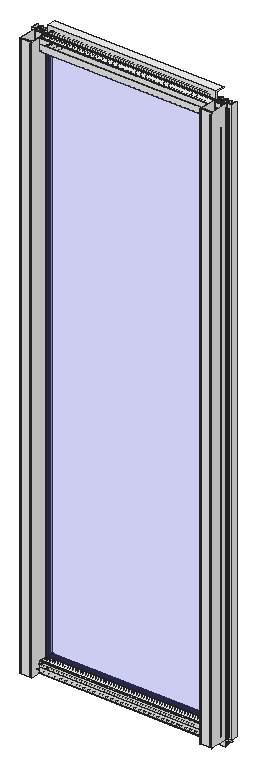
Revit family "Facade_60_Curtain_Wall_E11_Custom", category Windows, host Wall, Revit 2014
Parameters (values of type "F60-E11-Custom")
  Windload Design [instance] = if(Custom Windload < 1001 mm, 1000 mm, if(Custom Windload < 1501 mm, 1500 mm, 2000 mm))  # 1000 mm
  Width [instance] = if(Custom Curtain Wall Width < Limit Door Width Min, Limit Door Width Min, if(Custom Curtain Wall Width > Limit Door Width Max, Limit Door Width Max, Custom Curtain Wall Width))  # 1000 mm
  Wall Thickness [instance] = 200 mm
  Vertical Profile Length [instance] = Height - Frame Bottom Gap  # 2970 mm
  URL = "http://www.crealco.co.za/crealco-products.php"
  Type Comments = ""
  Thermal Resistance (R) [instance] = if(IGDB or SAGDB Number = 100100, 1.0000 (m²·K)/W / Intruderprufe U Value, if(IGDB or SAGDB Number = 100100, 1.0000 (m²·K)/W / Intruderprufe U Value, if(IGDB or SAGDB Number = 105003, 1.0000 (m²·K)/W / Intruderprufe Insulated U Value, if(IGDB or SAGDB Number = 105004, 1.0000 (m²·K)/W / Intruderprufe Insulated LowE U Value, 1.0000 (m²·K)/W / 7.9)))) * 1  # 0.126582 (m²·K)/W
  Thermal Break Material = Plastic, Opaque Black
  Solar Heat Gain Coefficient [instance] = if(IGDB or SAGDB Number = 100100, Intruderprufe SHGC Value, if(IGDB or SAGDB Number = 103200, Intruderprufe LowE SHGC Value, if(IGDB or SAGDB Number = 105003, Intruderprufe Insulated SHGC Value, if(IGDB or SAGDB Number = 105004, Intruderprufe Insulated LowE SHGC Value, 0))))  # 0
  Single Glazing [instance] = if(DG Forced, 1 = 0, not(Double Glazing))  # yes
  Sill Height = 85 mm  # constant formula
  SG Forced [instance] = not(DG Forced)  # yes
  Quarter Expansion Break = yes
  Overall Width [instance] = 1000 mm
  Overall Height [instance] = 3000 mm
  Mullion Configuration = 1 mm
  Model = "Facade 60"
  Max System DG Unit Thickness = 25 mm  # constant formula
  Max System DG One Piece Thickness [instance] = rounddown((Max System DG Unit Thickness - DG Gasket Thickness) / 2 mm) * 1 mm  # 6 mm
  Max Pane Area [instance] = Glazing Width * Glazing Height  # 2.66032 m²
  Manufacturer = "Crealco"
  Limit Door Width Min = Limit Panel Width Min + (2 * Glazing Side Gap)  # 379.6 mm
  Limit Door Width Max = Limit Panel Width Max + (2 * Glazing Side Gap)  # 3079.6 mm
  Limit Door Height Min = Limit Panel Height Min + Glazing Top Gap + Glazing Bottom Gap  # 409.6 mm
  Limit Door Height Max = Limit Panel Height Max + Glazing Top Gap + Glazing Bottom Gap  # 6109.6 mm
  Limit Panel Width Min = 300 mm  # constant formula
  Limit Panel Width Max = 3000 mm  # constant formula
  Limit Panel Height Min = 300 mm  # constant formula
  Limit Panel Height Max = 6000 mm  # constant formula
  Sill Length [instance] = Width  # 1000 mm
  Length Sill [instance] = Width  # 1000 mm
  Keynote = ""
  Jamb Width = 60 mm  # constant formula
  Intruderprufe U Value = 0
  Intruderprufe SHGC Value = 0
  Intruderprufe LowE U Value = 0
  Intruderprufe LowE SHGC Value = 0
  Intruderprufe Insulated U Value = 0
  Intruderprufe Insulated SHGC Value = 0
  Intruderprufe Insulated LowE U Value = 0
  Intruderprufe Insulated LowE SHGC Value = 0
  Horizontal Profile Length [instance] = Width - (2 * Jamb Width)  # 880 mm
  Half Expansion Break = no
  Glazing Width [instance] = Horizontal Profile Length + (2 mm * 20.2)  # 920.4 mm
  Glazing Top Gap = 39.8 mm  # constant formula
  Glazing Side Gap = 39.8 mm  # constant formula
  Glazing Height [instance] = Height - Glazing Top Gap - Glazing Bottom Gap  # 2890.4 mm
  Glazing Gap SG [instance] = (14 mm - SG Thickness) / 2  # 3.8 mm
  Glazing Gap DG [instance] = (28 mm - (DG Thickness + DG Thickness + DG Gasket Thickness)) / 2  # 3 mm
  Glazing Bottom Gap = 69.8 mm  # constant formula
  Frame Thickness = 101.8 mm  # constant formula
  Frame Bottom Gap = 30 mm  # constant formula
  Door Leaf Height [instance] = 2050 mm
  Double Glazing [instance] = no
  DG Thickness Calc [instance] = if(not(Max Pane Area > 1.125 m²), 4 mm, if(not(Max Pane Area > 2.25 m²), 4 mm, if(not(Max Pane Area > 3.15 m²), 5 mm, if(not(Max Pane Area > 4.35 m²), 6 mm, if(not(Max Pane Area > 6.45 m²), 8 mm, 10 mm)))))  # 5 mm
  DG Thickness [instance] = if(IGDB or SAGDB Number = 105003, 6 mm, if(IGDB or SAGDB Number = 105004, 7 mm, if(DG Thickness Calc > Max System DG One Piece Thickness, Max System DG One Piece Thickness, DG Thickness Calc)))  # 5 mm
  DG Gasket Thickness = 12 mm  # constant formula
  DG Gasket Finish [instance] = Double Glazing Gasket Material
  DG Forced [instance] = if(IGDB or SAGDB Number = 100100, 1 = 0, if(IGDB or SAGDB Number = 103200, 1 = 0, if(IGDB or SAGDB Number = 105003, 1 = 1, if(IGDB or SAGDB Number = 105004, 1 = 1, Double Glazing))))  # no
  IGDB or SAGDB Number [instance] = 0
  Height [instance] = if(Custom Curtain Wall Height < Limit Door Height Min, Limit Door Height Min, if(Custom Curtain Wall Height > Limit Door Height Max, Limit Door Height Max, Custom Curtain Wall Height))  # 3000 mm
  Heat Transfer Coefficient (U) [instance] = if(IGDB or SAGDB Number = 100100, Intruderprufe U Value, if(IGDB or SAGDB Number = 103200, Intruderprufe LowE U Value, if(IGDB or SAGDB Number = 105003, Intruderprufe Insulated U Value, if(IGDB or SAGDB Number = 105004, Intruderprufe Insulated LowE U Value, 7.9)))) * 1.0000 W/(m²·K)  # 7.9000 W/(m²·K)
  SG Thickness [instance] = if(IGDB or SAGDB Number = 100100, 6 mm, if(IGDB or SAGDB Number = 103200, 7 mm, if(not(Max Pane Area > 0.75 m²), 4 mm, if(not(Max Pane Area > 1.50 m²), 4 mm, if(not(Max Pane Area > 2.10 m²), 5 mm, if(not(Max Pane Area > 2.90 m²), 6.4 mm, if(not(Max Pane Area > 4.30 m²), 8 mm, 10 mm)))))))  # 6.4 mm
  Glazing Material [instance] = if(IGDB or SAGDB Number = 100100, "PFG INTRUDERPRUFE 6.38mm", if(IGDB or SAGDB Number = 103200, "PFG INTRUDERPRUFE LOW-E 7.38mm", if(IGDB or SAGDB Number = 105003, "PFG 25mm INTRUDERPRUFE INSULATED GLASS", if(IGDB or SAGDB Number = 105004, "PFG 25mm INTRUDERPRUFE INSULATED GLASS LOW-E", "Unknown"))))  # "Unknown"
  Glazing Finish [instance] = Glass
  Glazing Code [instance] = if(IGDB or SAGDB Number = 100100, "LAM01", if(IGDB or SAGDB Number = 103200, "LAM01E", if(IGDB or SAGDB Number = 105003, "IGU25", if(IGDB or SAGDB Number = 105004, "IGU25E", "Unknown"))))  # "Unknown"
  Frame Offset From Exterior [instance] = if(Centered In Wall, (Wall Thickness - Frame Thickness) / 2, Custom Offset From Exterior) + 5.9 mm  # 55 mm
  Description = "Curtain Wall, E11"
  Default Sill Height = 0 mm
  Wall Closure = By host
  Custom Curtain Wall Width [instance] = 1000 mm
  Custom Curtain Wall Height [instance] = 3000 mm
  Custom Windload [instance] = 1000 mm
  Custom Offset From Exterior [instance] = 0 mm
  Centered In Wall [instance] = yes
  Aluminium Finish [instance] = White Powder Coated Aluminium ANP 1052
  All Available Glazing Numbers [instance] = "The rows below list the available glazing materials for this window:"  # constant formula
  190mm Mullion = if(Mullion Configuration = 3 mm, 1 = 1, 1 = 0)  # no
  160mm Mullion = if(Mullion Configuration = 2 mm, 1 = 1, 1 = 0)  # no
  105004 [instance] = "IGU25E"  # constant formula
  105003 [instance] = "IGU25"  # constant formula
  103200 [instance] = "LAM01E"  # constant formula
  100mm Mullion = if(or(Mullion Configuration = 2 mm, Mullion Configuration = 3 mm), 1 = 0, 1 = 1)  # yes
  100100 [instance] = "LAM01"  # constant formula
Reference planes
  plane 1 "Center (Front/Back)": y = 0
  plane 2 "Center (Left/Right)": x = 0
  plane 3 "Left": x = -500
  plane 4 "Right": x = 500
  plane 5 "Sill": z = 0
  plane 6 "Head": z = 3000
  plane 7 "Exterior": y = 100
  plane 8 "Interior": y = -100
Lines and regions (mm)
  Opening 1
    outline origin (3507.082, -100, 0) x (1, 0, 0) y (0, 0, 1)
      loop
        line (-3007.082, 0) -> (-3007.082, 3000) -> (-4007.082, 3000) -> (-4007.082, 0) -> (-3007.082, 0)
Text (mm)
  text "EXTERIOR" at (-1963.203, 1332.353, 0), in view "Ref. Level"
  text "INTERIOR" at (-1981.466, -818.386, 0), in view "Ref. Level"
  text "Exterior" at (0, 923.751, 2943.296), in view "Right"
  text "Exterior" at (0, 1040.484, 2685.409), in view "Left"
Dimensions and locks
  equal spacing: plane 3 "Left", plane 2 "Center (Left/Right)", plane 4 "Right"
  "Width": plane 3 "Left" to plane 4 "Right"
  "Height": plane 5 "Sill" to plane 6 "Head"
  "Default Sill Height": plane 5 "Sill" to level
  locked: plane 7 "Exterior" to host wall at 0
  locked: plane 8 "Interior" to host wall
  "Overall Height": plane 6 "Head" to plane 5 "Sill"
  "Overall Width": plane 3 "Left" to plane 4 "Right"
  "Wall Thickness": host wall to host wall
  "Jamb Width": nested 3 to plane 4 "Right"
  "Jamb Width": nested 5 to plane 4 "Right"
  "Frame Bottom Gap": nested 5 to level
  "Frame Offset From Exterior": nested 1 to plane 7 "Exterior"
  "Glazing Side Gap": nested 6 to plane 4 "Right"
  "Glazing Top Gap": nested 6 to plane 6 "Head"
  "Glazing Gap SG": nested 6 to nested 1
  "Glazing Side Gap": nested 7 to plane 4 "Right"
  "Glazing Top Gap": nested 7 to plane 6 "Head"
  "Glazing Gap DG": nested 7 to nested 1
  locked: nested 1 to nested 5 at 8.887
  aligned and locked: plane 4 "Right" to nested 1
  aligned and locked: nested 1 to plane 6 "Head"
  aligned and locked: plane 3 "Left" to nested 2
  aligned and locked: plane 6 "Head" to nested 2
  aligned and locked: nested 3 to plane 6 "Head"
  aligned and locked: nested 1 to nested 3
  aligned and locked: nested 4 to level
  aligned and locked: plane 4 "Right" to nested 4
  aligned and locked: nested 1 to nested 2
  aligned and locked: nested 5 to nested 4
Automatic sketch dimensions
  plane 3 "Left" to Opening 1 sketch curve = 0 mm
  plane 4 "Right" to Opening 1 sketch curve = 0 mm
  Opening 1 sketch curve to plane 5 "Sill" = 0 mm
  Opening 1 sketch curve to plane 6 "Head" = 0 mm
Nested families
  nested 1: "F60 Vertical Profile Side_E11_Cust" at (500, -1.058, 30) x (-1, 0, 0) z (0, 0, 1), Thermal Break Material <- "Thermal Break Material", Profile Material <- "Aluminium Finish", Length <- "Vertical Profile Length", Single Glazing <- "SG Forced", Double Glazing <- "DG Forced", 100mm Mullion <- "100mm Mullion", 160mm Mullion <- "160mm Mullion", 190mm Mullion <- "190mm Mullion", Quarter Expansion Break <- "Quarter Expansion Break", Half Expansion Break <- "Half Expansion Break", type "F60 Vertical Profile Side_E11_Cust"
    with Thermal Break Material Plastic, Opaque Black, Single Glazing yes, Quarter SG Expansion Break yes, Quarter Length 742.5 mm, Quarter Expansion Break yes, Quarter DG Expansion Break no, Quarter 190mm Expansion Break no, Quarter 160mm Expansion Break no, Quarter 100mm Expansion Break yes, Profile Material White Powder Coated Aluminium ANP 1052, Length 2970 mm, Half SG Expansion Break no, Half Length 1485 mm, Half Expansion Break no, Half DG Expansion Break no, Half 190mm Expansion Joint no, Half 160mm Expansion Break no, Half 100mm Expansion Break no, Double Glazing no, 190mm Mullion no, 160mm Mullion no, 100mm Mullion yes
  nested 2: "F60 Vertical Profile Side_E11_Cust" at (-500, -1.058, 30), Thermal Break Material <- "Thermal Break Material", Profile Material <- "Aluminium Finish", Length <- "Vertical Profile Length", Single Glazing <- "SG Forced", Double Glazing <- "DG Forced", 100mm Mullion <- "100mm Mullion", 160mm Mullion <- "160mm Mullion", 190mm Mullion <- "190mm Mullion", Quarter Expansion Break <- "Quarter Expansion Break", Half Expansion Break <- "Half Expansion Break", type "F60 Vertical Profile Side_E11_Cust"
    with Thermal Break Material Plastic, Opaque Black, Single Glazing yes, Quarter SG Expansion Break yes, Quarter Length 742.5 mm, Quarter Expansion Break yes, Quarter DG Expansion Break no, Quarter 190mm Expansion Break no, Quarter 160mm Expansion Break no, Quarter 100mm Expansion Break yes, Profile Material White Powder Coated Aluminium ANP 1052, Length 2970 mm, Half SG Expansion Break no, Half Length 1485 mm, Half Expansion Break no, Half DG Expansion Break no, Half 190mm Expansion Joint no, Half 160mm Expansion Break no, Half 100mm Expansion Break no, Double Glazing no, 190mm Mullion no, 160mm Mullion no, 100mm Mullion yes
  nested 3: "F60 Horizontal Profile Top_E11_Cust" at (440, -50.858, 2940) x (-1, 0, 0) z (0, 0, 1), Thermal Break Material <- "Thermal Break Material", Profile Material <- "Aluminium Finish", Length <- "Horizontal Profile Length", Single Glazing <- "SG Forced", Double Glazing <- "DG Forced", type "F60 Horizontal Profile Top_E11_Cust"
    with Thermal Break Material Plastic, Opaque Black, Single Glazing yes, Profile Material White Powder Coated Aluminium ANP 1052, Length 880 mm, Double Glazing no
  nested 4: "F60 Sill_E11_Cust" at (500, -13.486, -1.88) x (-1, 0, 0) z (0, 0, 1), Profile Material <- "Aluminium Finish", Length Sill <- "Length Sill", type "F60 Sill_E11_Cust"
    with Profile Material White Powder Coated Aluminium ANP 1052, Length Sill 1000 mm
  nested 5: "F60 Horizontal Profile Bottom_E11_Cust" at (440, -50.858, 30) x (-1, 0, 0) z (0, 0, 1), Thermal Break Material <- "Thermal Break Material", Profile Material <- "Aluminium Finish", Length <- "Horizontal Profile Length", Single Glazing <- "SG Forced", Double Glazing <- "DG Forced", type "F60 Horizontal Profile Bottom_E11_Cust"
    with Thermal Break Material Plastic, Opaque Black, Single Glazing yes, Profile Material White Powder Coated Aluminium ANP 1052, Length 880 mm, Double Glazing no
  nested 6: "F60_Single_Glazing_E11_Cust" at (460.2, 9.142, 69.8), Glazing Width <- "Glazing Width", Glazing Height <- "Glazing Height", SG Thickness <- "SG Thickness", Glazing Finish <- "Glazing Finish", visible <- "SG Forced", type "F60_Single_Glazing_E11_Cust"
    with SG Thickness 6.4 mm, Glazing Width 920.4 mm, Glazing Height 2890.4 mm, Glazing Finish Glass
  nested 7: "F60_Double_Glazing_E11_Cust" at (460.2, 23.942, 69.8), Glazing Material <- "Glazing Finish", Double Glazing Gasket Material <- "DG Gasket Finish", Glazing Width <- "Glazing Width", Glazing Height <- "Glazing Height", Glazing Thickness DG <- "DG Thickness", Double Glazing Gasket Thickness <- "DG Gasket Thickness", visible <- "DG Forced", type "F60_Double_Glazing_E11_Cust"
    with Glazing Width 920.4 mm, Glazing Thickness DG 5 mm, Glazing Material Glass, Glazing Height 2890.4 mm, Double Glazing Gasket Thickness 12 mm, Double Glazing Gasket Material Double Glazing Gasket Material
Definition of nested family "F60 Vertical Profile Side_E11_Cust"
  Parameters (values of type "F60 Vertical Profile Side")
    Quarter SG Expansion Break [instance] = if(and(Quarter Expansion Break, Single Glazing), 1 = 1, 1 = 0)  # yes
    Quarter Length [instance] = Length / 4  # 62.5 mm
    Thermal Break Material [instance] = none
    Single Glazing [instance] = yes
    Quarter Expansion Break [instance] = yes
    Quarter DG Expansion Break [instance] = if(and(Quarter Expansion Break, Double Glazing), 1 = 1, 1 = 0)  # yes
    Quarter 190mm Expansion Break [instance] = if(and(Quarter Expansion Break, [190mm Mullion]), 1 = 1, 1 = 0)  # yes
    Quarter 160mm Expansion Break [instance] = if(and(Quarter Expansion Break, [160mm Mullion]), 1 = 1, 1 = 0)  # yes
    Quarter 100mm Expansion Break [instance] = if(and(Quarter Expansion Break, [100mm Mullion]), 1 = 1, 1 = 0)  # yes
    Profile Material [instance] = none
    Length [instance] = 250 mm
    Half SG Expansion Break [instance] = if(and(Half Expansion Break, Single Glazing), 1 = 1, 1 = 0)  # yes
    Half Length [instance] = Length / 2  # 125 mm
    Half Expansion Break [instance] = yes
    Half DG Expansion Break [instance] = if(and(Half Expansion Break, Double Glazing), 1 = 1, 1 = 0)  # yes
    Half 190mm Expansion Joint [instance] = if(and(Half Expansion Break, [190mm Mullion]), 1 = 1, 1 = 0)  # yes
    Half 160mm Expansion Break [instance] = if(and(Half Expansion Break, [160mm Mullion]), 1 = 1, 1 = 0)  # yes
    Half 100mm Expansion Break [instance] = if(and(Half Expansion Break, [100mm Mullion]), 1 = 1, 1 = 0)  # yes
    Double Glazing [instance] = yes
    190mm Mullion [instance] = yes
    160mm Mullion [instance] = yes
    100mm Mullion [instance] = yes
  Reference planes
    plane 1 "Center (Front/Back)": y = 0
    plane 2: z = 0
    plane 3 "Center (Left/Right)": x = 0
  Forms (mm)
    Extrusion 1, solid, material <- "Profile Material"
      sketch origin (0, 0, 0) x (1, 0, 0) y (0, 1, 0)
        loop
          arc (25.249, -8.7) -> (25.484, -9.266) -> (26.049, -9.5) r 0.8
          line (26.049, -9.5) -> (27.1, -9.5) -> (27.1, 7) -> (32.902, 7) -> (32.902, -9.5) -> (33.951, -9.5)
          arc (33.951, -9.5) -> (34.516, -9.266) -> (34.751, -8.7) r 0.8
          line (34.751, -8.7) -> (34.751, 6.2)
          arc (34.751, 6.2) -> (34.985, 6.766) -> (35.551, 7) r 0.8
          line (35.551, 7) -> (52.1, 7) -> (52.1, 5.4) -> (50.55, 5.4) -> (50.55, 4.55)
          arc (50.55, 4.55) -> (50.726, 4.126) -> (51.15, 3.95) r 0.6
          line (51.15, 3.95) -> (52.1, 3.95) -> (52.1, 1)
          arc (52.1, 1) -> (51.6, 0.5) -> (52.1, 0) r 0.5
          line (52.1, 0) -> (54.45, 0) -> (54.45, 1.15) -> (53.3, 1.15) -> (53.3, 2.45) -> (58.8, 2.45) -> (58.8, 1.15) -> (57.65, 1.15) -> (57.65, 0) -> (59.5, 0)
          arc (59.5, 0) -> (59.854, 0.146) -> (60, 0.5) r 0.5
          line (60, 0.5) -> (60, 3.9) -> (53.55, 3.9) -> (53.55, 7.6)
          arc (53.55, 7.6) -> (53.316, 8.166) -> (52.75, 8.4) r 0.8
          line (52.75, 8.4) -> (30, 8.4) -> (7.25, 8.4)
          arc (7.25, 8.4) -> (6.684, 8.166) -> (6.45, 7.6) r 0.8
          line (6.45, 7.6) -> (6.45, 3.9) -> (0, 3.9) -> (0, 0.5)
          arc (0, 0.5) -> (0.146, 0.146) -> (0.5, 0) r 0.5
          line (0.5, 0) -> (2.35, 0) -> (2.35, 1.15) -> (1.2, 1.15) -> (1.2, 2.45) -> (6.7, 2.45) -> (6.7, 1.15) -> (5.55, 1.15) -> (5.55, 0) -> (7.9, 0)
          arc (7.9, 0) -> (8.4, 0.5) -> (7.9, 1) r 0.5
          line (7.9, 1) -> (7.9, 3.95) -> (8.85, 3.95)
          arc (8.85, 3.95) -> (9.274, 4.126) -> (9.45, 4.55) r 0.6
          line (9.45, 4.55) -> (9.45, 5.4) -> (7.9, 5.4) -> (7.9, 7) -> (24.449, 7)
          arc (24.449, 7) -> (25.015, 6.766) -> (25.249, 6.2) r 0.8
          line (25.249, 6.2) -> (25.249, -8.7)
      from 0 to 250 <- "Length"
    Extrusion 2, solid, material <- "Thermal Break Material"
      sketch origin (0, 0, 0) x (1, 0, 0) y (0, 1, 0)
        loop
          line (1.75, 9.8) -> (1.75, 5.2) -> (0, 5.2) -> (0, 3.9) -> (6.35, 3.9) -> (6.35, 7.856)
          arc (6.35, 7.856) -> (6.526, 8.281) -> (6.95, 8.456) r 0.6
          line (6.95, 8.456) -> (30, 8.456) -> (53.05, 8.456)
          arc (53.05, 8.456) -> (53.474, 8.281) -> (53.65, 7.856) r 0.6
          line (53.65, 7.856) -> (53.65, 3.9) -> (60, 3.9) -> (60, 5.2) -> (58.25, 5.2) -> (58.25, 9.8) -> (30, 9.8) -> (1.75, 9.8)
      from 0 to 250 <- "Length"
    Extrusion 3, solid, material <- "Thermal Break Material", visible <- "Single Glazing"
      sketch origin (0, 0, 0) x (1, 0, 0) y (0, 1, 0)
        loop
          line (25.749, -14.011) -> (27.672, -14.011) -> (28.481, -12.611) -> (31.518, -12.611) -> (32.327, -14.011) -> (34.249, -14.011)
          arc (34.249, -14.011) -> (34.603, -13.864) -> (34.749, -13.511) r 0.5
          line (34.749, -13.511) -> (34.749, -10.011)
          arc (34.749, -10.011) -> (34.603, -9.657) -> (34.249, -9.511) r 0.5
          line (34.249, -9.511) -> (32.352, -9.511) -> (32.352, 0.19) -> (31.349, 2.261)
          arc (31.349, 2.261) -> (29.999, 2.986) -> (28.649, 2.261) r 1.62
          line (28.649, 2.261) -> (27.647, 0.19) -> (27.647, -9.511) -> (25.749, -9.511)
          arc (25.749, -9.511) -> (25.396, -9.657) -> (25.249, -10.011) r 0.5
          line (25.249, -10.011) -> (25.249, -13.511)
          arc (25.249, -13.511) -> (25.396, -13.864) -> (25.749, -14.011) r 0.5
        loop
          line (28.504, -10.005) -> (28.504, -10.861)
          arc (28.504, -10.861) -> (28.651, -11.214) -> (29.004, -11.361) r 0.5
          line (29.004, -11.361) -> (30.994, -11.361)
          arc (30.994, -11.361) -> (31.348, -11.214) -> (31.494, -10.861) r 0.5
          line (31.494, -10.861) -> (31.494, -10.005) -> (30.708, -9.219)
          arc (30.708, -9.219) -> (30.383, -9.001) -> (29.999, -8.924) r 1.007
          arc (29.999, -8.924) -> (29.616, -8.999) -> (29.292, -9.217) r 0.986
          line (29.292, -9.217) -> (28.504, -10.005)
        loop
          arc (30.896, 1.935) -> (29.887, 2.44) -> (29.005, 1.735) r 1.047
          line (29.005, 1.735) -> (28.347, 0.374) -> (28.347, -6.993)
          arc (28.347, -6.993) -> (28.583, -7.417) -> (29.068, -7.441) r 0.5
          arc (29.068, -7.441) -> (29.999, -7.223) -> (30.93, -7.441) r 2.099
          arc (30.93, -7.441) -> (31.416, -7.417) -> (31.652, -6.993) r 0.5
          line (31.652, -6.993) -> (31.652, 0.374) -> (30.896, 1.935)
      from 0 to 250 <- "Length"
    Extrusion 4, solid, material <- "Profile Material", visible <- "Single Glazing"
      sketch origin (0, 0, 0) x (1, 0, 0) y (0, 1, 0)
        loop
          line (52.693, -14.011) -> (32.327, -14.011) -> (31.519, -12.611) -> (28.481, -12.611) -> (27.673, -14.011) -> (7.307, -14.011) -> (7.307, -15.011) -> (8.457, -15.011) -> (8.457, -16.261) -> (2.957, -16.261) -> (2.957, -15.011) -> (4.107, -15.011) -> (4.107, -14.011) -> (1.707, -14.011)
          arc (1.707, -14.011) -> (1.199, -14.293) -> (1.168, -14.873) r 0.6
          line (1.168, -14.873) -> (2.093, -16.772) -> (1.015, -17.298) -> (1.484, -18.261) -> (11.488, -18.261)
          arc (11.488, -18.261) -> (11.913, -18.085) -> (12.088, -17.661) r 0.6
          line (12.088, -17.661) -> (12.088, -16.811) -> (47.912, -16.811) -> (47.912, -17.661)
          arc (47.912, -17.661) -> (48.088, -18.085) -> (48.512, -18.261) r 0.6
          line (48.512, -18.261) -> (58.518, -18.261) -> (58.987, -17.298) -> (57.908, -16.772) -> (58.834, -14.874)
          arc (58.834, -14.874) -> (58.802, -14.293) -> (58.293, -14.011) r 0.6
          line (58.293, -14.011) -> (55.893, -14.011) -> (55.893, -15.011) -> (57.043, -15.011) -> (57.043, -16.261) -> (51.543, -16.261) -> (51.543, -15.011) -> (52.693, -15.011) -> (52.693, -14.011)
      from 0 to 250 <- "Length"
    Extrusion 5, solid, material <- "Profile Material", visible <- "Single Glazing"
      sketch origin (0, 0, 0) x (1, 0, 0) y (0, 1, 0)
        loop
          line (2.801, -18.261) -> (1.484, -18.261) -> (1.015, -17.298) -> (2.093, -16.772) -> (0.779, -14.076)
          arc (0.779, -14.076) -> (0.239, -14.21) -> (0.001, -14.713) r 0.65
          line (0.001, -14.713) -> (0.001, -28.068)
          arc (0.001, -28.068) -> (1.172, -30.897) -> (4.001, -32.068) r 4
          line (4.001, -32.068) -> (30.001, -32.068) -> (56.001, -32.068)
          arc (56.001, -32.068) -> (58.829, -30.897) -> (60.001, -28.068) r 4
          line (60.001, -28.068) -> (60.001, -14.713)
          arc (60.001, -14.713) -> (59.763, -14.21) -> (59.223, -14.076) r 0.65
          line (59.223, -14.076) -> (57.908, -16.772) -> (58.987, -17.298) -> (58.518, -18.261) -> (57.201, -18.261)
          arc (57.201, -18.261) -> (56.83, -18.425) -> (56.703, -18.811) r 0.5
          arc (56.703, -18.811) -> (56.83, -19.196) -> (57.201, -19.361) r 0.5
          line (57.201, -19.361) -> (58.951, -19.361) -> (58.951, -27.968)
          arc (58.951, -27.968) -> (58.131, -29.948) -> (56.151, -30.768) r 2.8
          line (56.151, -30.768) -> (30.001, -30.768) -> (3.851, -30.768)
          arc (3.851, -30.768) -> (1.871, -29.948) -> (1.051, -27.968) r 2.8
          line (1.051, -27.968) -> (1.051, -19.361) -> (2.801, -19.361)
          arc (2.801, -19.361) -> (3.172, -19.196) -> (3.298, -18.811) r 0.5
          arc (3.298, -18.811) -> (3.172, -18.425) -> (2.801, -18.261) r 0.5
      from 0 to 250 <- "Length"
    Extrusion 6, solid, material <- "Profile Material", visible <- "100mm Mullion"
      sketch origin (0, 0, 0) x (1, 0, 0) y (0, 1, 0)
        loop
          line (14.02, 13) -> (45.98, 13)
          arc (45.98, 13) -> (46.539, 12.842) -> (46.917, 12.4) r 1
          arc (46.917, 12.4) -> (47.285, 11.963) -> (47.833, 11.8) r 1
          line (47.833, 11.8) -> (58.15, 11.8) -> (58.15, 96.3) -> (47.833, 96.3)
          arc (47.833, 96.3) -> (47.285, 96.137) -> (46.917, 95.7) r 1
          arc (46.917, 95.7) -> (46.548, 95.263) -> (46, 95.1) r 1
          line (46, 95.1) -> (14, 95.1)
          arc (14, 95.1) -> (13.452, 95.263) -> (13.083, 95.7) r 1
          arc (13.083, 95.7) -> (12.715, 96.137) -> (12.167, 96.3) r 1
          line (12.167, 96.3) -> (1.85, 96.3) -> (1.85, 11.8) -> (12.167, 11.8)
          arc (12.167, 11.8) -> (12.715, 11.963) -> (13.083, 12.4) r 1
          arc (13.083, 12.4) -> (13.461, 12.842) -> (14.02, 13) r 1
        loop
          line (1.65, 9.856) -> (58.35, 9.856) -> (58.35, 5.2) -> (60, 5.2) -> (60, 98.8)
          arc (60, 98.8) -> (59.707, 99.507) -> (59, 99.8) r 1
          line (59, 99.8) -> (1, 99.8)
          arc (1, 99.8) -> (0.293, 99.507) -> (0, 98.8) r 1
          line (0, 98.8) -> (0, 5.2) -> (1.65, 5.2) -> (1.65, 9.856)
      from 0 to 250 <- "Length"
    Extrusion 7, solid, material <- "Profile Material", visible <- "160mm Mullion"
      sketch origin (0, 0, 0) x (1, 0, 0) y (0, 1, 0)
        loop
          arc (2.35, 15.6) -> (2.526, 15.176) -> (2.95, 15) r 0.6
          line (2.95, 15) -> (57.05, 15)
          arc (57.05, 15) -> (57.474, 15.176) -> (57.65, 15.6) r 0.6
          line (57.65, 15.6) -> (57.65, 153.7)
          arc (57.65, 153.7) -> (57.474, 154.124) -> (57.05, 154.3) r 0.6
          line (57.05, 154.3) -> (47.833, 154.3)
          arc (47.833, 154.3) -> (47.285, 154.137) -> (46.917, 153.7) r 1
          arc (46.917, 153.7) -> (46.548, 153.263) -> (46, 153.1) r 1
          line (46, 153.1) -> (14, 153.1)
          arc (14, 153.1) -> (13.452, 153.263) -> (13.083, 153.7) r 1
          arc (13.083, 153.7) -> (12.715, 154.137) -> (12.167, 154.3) r 1
          line (12.167, 154.3) -> (2.95, 154.3)
          arc (2.95, 154.3) -> (2.526, 154.124) -> (2.35, 153.7) r 0.6
          line (2.35, 153.7) -> (2.35, 15.6)
        loop
          arc (1, 159.8) -> (0.293, 159.507) -> (0, 158.8) r 1
          line (0, 158.8) -> (0, 5.2) -> (1.65, 5.2) -> (1.65, 10.013) -> (58.35, 10.013) -> (58.35, 5.2) -> (60, 5.2) -> (60, 158.8)
          arc (60, 158.8) -> (59.707, 159.507) -> (59, 159.8) r 1
          line (59, 159.8) -> (1, 159.8)
      from 0 to 250 <- "Length"
    Extrusion 8, solid, material <- "Profile Material", visible <- "190mm Mullion"
      sketch origin (0, 0, 0) x (1, 0, 0) y (0, 1, 0)
        loop
          line (57.25, 15.1) -> (57.25, 178.3)
          arc (57.25, 178.3) -> (56.957, 179.007) -> (56.25, 179.3) r 1
          line (56.25, 179.3) -> (3.75, 179.3)
          arc (3.75, 179.3) -> (3.043, 179.007) -> (2.75, 178.3) r 1
          line (2.75, 178.3) -> (2.75, 15.1)
          arc (2.75, 15.1) -> (2.984, 14.534) -> (3.55, 14.3) r 0.8
          line (3.55, 14.3) -> (56.45, 14.3)
          arc (56.45, 14.3) -> (57.016, 14.534) -> (57.25, 15.1) r 0.8
        loop
          line (60, 5.2) -> (60, 188.8)
          arc (60, 188.8) -> (59.707, 189.507) -> (59, 189.8) r 1
          line (59, 189.8) -> (1, 189.8)
          arc (1, 189.8) -> (0.293, 189.507) -> (0, 188.8) r 1
          line (0, 188.8) -> (0, 5.2) -> (1.65, 5.2) -> (1.65, 9.856) -> (58.35, 9.856) -> (58.35, 5.2) -> (60, 5.2)
      from 0 to 250 <- "Length"
    Extrusion 9, solid, material <- "Thermal Break Material", visible <- "Double Glazing"
      sketch origin (0, 0, 0) x (1, 0, 0) y (0, 1, 0)
        loop
          line (27.672, -28) -> (28.48, -26.6) -> (31.518, -26.6) -> (32.326, -28) -> (34.249, -28)
          arc (34.249, -28) -> (34.603, -27.854) -> (34.749, -27.5) r 0.5
          line (34.749, -27.5) -> (34.749, -10)
          arc (34.749, -10) -> (34.603, -9.646) -> (34.249, -9.5) r 0.5
          line (34.249, -9.5) -> (32.352, -9.5) -> (32.352, 0.198) -> (31.348, 2.272)
          arc (31.348, 2.272) -> (29.998, 2.997) -> (28.648, 2.272) r 1.62
          line (28.648, 2.272) -> (27.645, 0.201) -> (27.645, -9.5) -> (25.749, -9.5)
          arc (25.749, -9.5) -> (25.396, -9.646) -> (25.249, -10) r 0.5
          line (25.249, -10) -> (25.249, -27.5)
          arc (25.249, -27.5) -> (25.396, -27.854) -> (25.749, -28) r 0.5
          line (25.749, -28) -> (27.672, -28)
        loop
          arc (30.706, -9.206) -> (30.382, -8.99) -> (29.999, -8.913) r 1.007
          arc (29.999, -8.913) -> (29.616, -8.988) -> (29.292, -9.206) r 0.986
          line (29.292, -9.206) -> (27.142, -11.356)
          arc (27.142, -11.356) -> (26.926, -11.68) -> (26.849, -12.063) r 1
          line (26.849, -12.063) -> (26.849, -24)
          arc (26.849, -24) -> (27.142, -24.707) -> (27.849, -25) r 1
          line (27.849, -25) -> (32.149, -25)
          arc (32.149, -25) -> (32.856, -24.707) -> (33.149, -24) r 1
          line (33.149, -24) -> (33.149, -12.063)
          arc (33.149, -12.063) -> (33.073, -11.68) -> (32.856, -11.356) r 1
          line (32.856, -11.356) -> (30.706, -9.206)
        loop
          arc (28.345, -6.982) -> (28.581, -7.407) -> (29.067, -7.43) r 0.5
          arc (29.067, -7.43) -> (29.998, -7.213) -> (30.929, -7.43) r 2.099
          arc (30.929, -7.43) -> (31.414, -7.407) -> (31.651, -6.982) r 0.5
          line (31.651, -6.982) -> (31.651, 0.385) -> (30.895, 1.946)
          arc (30.895, 1.946) -> (29.885, 2.45) -> (29.004, 1.745) r 1.047
          line (29.004, 1.745) -> (28.345, 0.385) -> (28.345, -6.982)
      from 0 to 250 <- "Length"
    Extrusion 10, solid, material <- "Profile Material", visible <- "Double Glazing"
      sketch origin (0, 0, 0) x (1, 0, 0) y (0, 1, 0)
        loop
          line (52.692, -28) -> (32.327, -28) -> (31.518, -26.6) -> (28.48, -26.6) -> (27.672, -28) -> (7.306, -28) -> (7.306, -29) -> (8.456, -29) -> (8.456, -30.25) -> (2.956, -30.25) -> (2.956, -29) -> (4.106, -29) -> (4.106, -28) -> (1.706, -28)
          arc (1.706, -28) -> (1.198, -28.282) -> (1.167, -28.863) r 0.6
          line (1.167, -28.863) -> (2.093, -30.762) -> (1.014, -31.288) -> (1.483, -32.25) -> (11.488, -32.25)
          arc (11.488, -32.25) -> (11.912, -32.074) -> (12.088, -31.65) r 0.6
          line (12.088, -31.65) -> (12.088, -30.8) -> (47.911, -30.8) -> (47.911, -31.65)
          arc (47.911, -31.65) -> (48.087, -32.074) -> (48.511, -32.25) r 0.6
          line (48.511, -32.25) -> (58.517, -32.25) -> (58.986, -31.288) -> (57.907, -30.762) -> (58.833, -28.864)
          arc (58.833, -28.864) -> (58.801, -28.282) -> (58.292, -28) r 0.6
          line (58.292, -28) -> (55.892, -28) -> (55.892, -29) -> (57.042, -29) -> (57.042, -30.25) -> (51.542, -30.25) -> (51.542, -29) -> (52.692, -29) -> (52.692, -28)
      from 0 to 250 <- "Length"
    Extrusion 11, solid, material <- "Profile Material", visible <- "Double Glazing"
      sketch origin (0, 0, 0) x (1, 0, 0) y (0, 1, 0)
        loop
          line (2.8, -32.25) -> (1.483, -32.25) -> (1.014, -31.288) -> (2.093, -30.762) -> (0.778, -28.065)
          arc (0.778, -28.065) -> (0.238, -28.2) -> (0, -28.702) r 0.65
          line (0, -28.702) -> (0, -42.058)
          arc (0, -42.058) -> (1.172, -44.886) -> (4, -46.058) r 4
          line (4, -46.058) -> (30, -46.058) -> (56, -46.058)
          arc (56, -46.058) -> (58.828, -44.886) -> (60, -42.058) r 4
          line (60, -42.058) -> (60, -28.702)
          arc (60, -28.702) -> (59.762, -28.2) -> (59.222, -28.065) r 0.65
          line (59.222, -28.065) -> (57.907, -30.762) -> (58.986, -31.288) -> (58.517, -32.25) -> (57.2, -32.25)
          arc (57.2, -32.25) -> (56.829, -32.415) -> (56.703, -32.8) r 0.5
          arc (56.703, -32.8) -> (56.829, -33.185) -> (57.2, -33.35) r 0.5
          line (57.2, -33.35) -> (58.95, -33.35) -> (58.95, -41.958)
          arc (58.95, -41.958) -> (58.13, -43.938) -> (56.15, -44.758) r 2.8
          line (56.15, -44.758) -> (30, -44.758) -> (3.85, -44.758)
          arc (3.85, -44.758) -> (1.87, -43.938) -> (1.05, -41.958) r 2.8
          line (1.05, -41.958) -> (1.05, -33.35) -> (2.8, -33.35)
          arc (2.8, -33.35) -> (3.171, -33.185) -> (3.297, -32.8) r 0.5
          arc (3.297, -32.8) -> (3.171, -32.415) -> (2.8, -32.25) r 0.5
      from 0 to 250 <- "Length"
    Extrusion 12, solid, material <- "Profile Material", visible <- "Single Glazing"
      sketch origin (0, 0, 0) x (1, 0, 0) y (0, 1, 0)
        loop
          line (10.403, -10.171) -> (10.403, -3.821) -> (-21.349, -3.821) -> (-21.349, -35.567) -> (-14.999, -35.567) -> (-14.999, -10.171) -> (10.403, -10.171)
      from 0 to 250 <- "Length"
    Extrusion 13, solid, material <- "Profile Material", visible <- "Double Glazing"
      sketch origin (0, 0, 0) x (1, 0, 0) y (0, 1, 0)
        loop
          line (10.402, -7.775) -> (10.402, -1.425) -> (-21.35, -1.425) -> (-21.35, -33.172) -> (-15, -33.172) -> (-15, -7.775) -> (10.402, -7.775)
      from 0 to 250 <- "Length"
    Extrusion 14, solid, material <- "Profile Material", visible <- "Double Glazing"
      sketch origin (0, 0, 0) x (1, 0, 0) y (0, 1, 0)
        loop
          line (12, -7.775) -> (0, -7.775) -> (0, -25.775) -> (12, -25.775) -> (12, -7.775)
        loop
          line (10.8, -8.975) -> (1.2, -8.975) -> (1.2, -24.575) -> (10.8, -24.575) -> (10.8, -8.975)
      from 0 to 250 <- "Length"
  Lines and regions (mm)
    model lines, style "GenericModelHiddenLines", visible <- "Half 100mm Expansion Break"
      curve 1: line (60, 5.2, 125) -> (60, 95.2, 125)
      curve 2: line (60, 99.8, 125) -> (0, 99.8, 125)
      curve 8: line (0, 5.2, 125) -> (0, 95.2, 125)
    model lines, style "GenericModelHiddenLines", visible <- "Quarter 100mm Expansion Break"
      curve 3: line (60, 5.2, 187.5) -> (60, 95.2, 187.5)
      curve 4: line (60, 5.2, 62.5) -> (60, 95.2, 62.5)
      curve 5: line (60, 99.8, 62.5) -> (0, 99.8, 62.5)
      curve 6: line (60, 99.8, 187.5) -> (0, 99.8, 187.5)
      curve 7: line (0, 5.2, 187.5) -> (0, 95.2, 187.5)
      curve 9: line (0, 5.2, 62.5) -> (0, 95.2, 62.5)
    model lines, style "GenericModelHiddenLines", visible <- "Half SG Expansion Break"
      curve 10: line (4.107, -32.068, 125) -> (55.893, -32.068, 125)
      curve 14: line (60.001, -14.011, 125) -> (60.001, -32.068, 125)
    model lines, style "GenericModelHiddenLines", visible <- "Quarter SG Expansion Break"
      curve 11: line (4.107, -32.068, 187.5) -> (56.703, -32.068, 187.5)
      curve 12: line (4.107, -32.068, 62.5) -> (56.703, -32.068, 62.5)
      curve 13: line (60.001, -14.011, 187.5) -> (60.001, -32.068, 187.5)
      curve 15: line (60.001, -14.011, 62.5) -> (60.001, -32.068, 62.5)
    model lines, style "GenericModelHiddenLines", visible <- "Quarter 160mm Expansion Break"
      curve 16: line (0, 5.2, 187.5) -> (0, 155.2, 187.5)
      curve 18: line (0, 5.2, 62.5) -> (0, 155.2, 62.5)
      curve 19: line (0, 159.8, 187.5) -> (60, 159.8, 187.5)
      curve 21: line (0, 159.8, 62.5) -> (60, 159.8, 62.5)
      curve 22: line (60, 5.2, 187.5) -> (60, 155.2, 187.5)
      curve 24: line (60, 5.2, 62.5) -> (60, 155.2, 62.5)
    model lines, style "GenericModelHiddenLines", visible <- "Half 160mm Expansion Break"
      curve 17: line (0, 5.2, 125) -> (0, 155.2, 125)
      curve 20: line (0, 159.8, 125) -> (60, 159.8, 125)
      curve 23: line (60, 5.2, 125) -> (60, 155.2, 125)
    model lines, style "GenericModelHiddenLines", visible <- "Quarter 190mm Expansion Break"
      curve 25: line (0, 5.2, 187.5) -> (0, 185.2, 187.5)
      curve 27: line (0, 5.2, 62.5) -> (0, 185.2, 62.5)
      curve 28: line (0.779, 189.8, 187.5) -> (59.222, 189.8, 187.5)
      curve 30: line (0.779, 189.8, 62.5) -> (59.222, 189.8, 62.5)
      curve 31: line (60, 5.2, 187.5) -> (60, 185.2, 187.5)
      curve 33: line (60, 5.2, 62.5) -> (60, 185.2, 62.5)
    model lines, style "GenericModelHiddenLines", visible <- "Half 190mm Expansion Joint"
      curve 26: line (0, 5.2, 125) -> (0, 185.2, 125)
      curve 29: line (0.779, 189.8, 125) -> (59.222, 189.8, 125)
      curve 32: line (60, 5.2, 125) -> (60, 185.2, 125)
    model lines, style "GenericModelHiddenLines", visible <- "Quarter DG Expansion Break"
      curve 34: line (60, -28.065, 187.5) -> (60, -46.074, 187.5)
      curve 36: line (60, -28.065, 62.5) -> (60, -46.027, 62.5)
      curve 37: line (59.222, -46.058, 187.5) -> (0.779, -46.058, 187.5)
      curve 39: line (59.222, -46.058, 62.5) -> (0.779, -46.058, 62.5)
    model lines, style "GenericModelHiddenLines", visible <- "Half DG Expansion Break"
      curve 35: line (60, -28.065, 125) -> (60, -46.074, 125)
      curve 38: line (59.222, -46.058, 125) -> (0.779, -46.058, 125)
  Dimensions and locks
    "Half Length": curve 1 to level
    "Half Length": level to curve 2
    "Quarter Length": curve 4 to level
    "Quarter Length": Extrusion 8 to curve 3
    "Quarter Length": level to curve 5
    "Quarter Length": curve 6 to Extrusion 6
    "Quarter Length": curve 9 to level
    "Half Length": curve 8 to level
    "Quarter Length": Extrusion 8 to curve 7
    "Quarter Length": curve 12 to level
    "Half Length": curve 10 to level
    "Quarter Length": Extrusion 5 to curve 11
    "Quarter Length": curve 15 to level
    "Half Length": curve 14 to level
    "Quarter Length": Extrusion 5 to curve 13
    "Quarter Length": Extrusion 7 to curve 18
    "Half Length": Extrusion 7 to curve 17
    "Quarter Length": Extrusion 7 to curve 16
    "Quarter Length": Extrusion 7 to curve 21
    "Quarter Length": curve 19 to Extrusion 7
    "Half Length": Extrusion 7 to curve 20
    "Quarter Length": Extrusion 7 to curve 24
    "Quarter Length": Extrusion 7 to curve 22
    "Half Length": Extrusion 7 to curve 23
    "Quarter Length": Extrusion 8 to curve 27
    "Quarter Length": Extrusion 8 to curve 25
    "Half Length": Extrusion 8 to curve 26
    "Quarter Length": Extrusion 8 to curve 30
    "Quarter Length": curve 28 to Extrusion 8
    "Half Length": Extrusion 8 to curve 29
    "Quarter Length": Extrusion 8 to curve 33
    "Quarter Length": Extrusion 8 to curve 31
    "Half Length": Extrusion 8 to curve 32
    "Quarter Length": Extrusion 11 to curve 36
    "Quarter Length": Extrusion 11 to curve 34
    "Half Length": Extrusion 11 to curve 35
    "Quarter Length": Extrusion 11 to curve 37
    "Quarter Length": curve 39 to Extrusion 11
    "Half Length": curve 38 to Extrusion 11
    aligned and locked: level to plane 2
  Automatic sketch dimensions
    Extrusion 1 sketch curve to plane 3 "Center (Left/Right)" = 0 mm
    plane 1 "Center (Front/Back)" to Extrusion 1 sketch curve = 0 mm  (x4)
    plane 3 "Center (Left/Right)" to Extrusion 1 sketch curve = 0.5 mm
    Extrusion 1 sketch curve to Extrusion 1 sketch curve = 0.7 mm  (x2)
    Extrusion 1 sketch curve to Extrusion 1 sketch curve = 1.15 mm  (x4)
    Extrusion 1 sketch curve to Extrusion 1 sketch curve = 3.2 mm  (x2)
    Extrusion 1 sketch curve to Extrusion 1 sketch curve = 0.9 mm
    Extrusion 1 sketch curve to Extrusion 1 sketch curve = 0.25 mm
    Extrusion 1 sketch curve to Extrusion 1 sketch curve = 0.8 mm  (x7)
    Extrusion 1 sketch curve to Extrusion 1 sketch curve = 1.45 mm  (x2)
    Extrusion 1 sketch curve to Extrusion 1 sketch curve = 0.65 mm  (x3)
    Extrusion 1 sketch curve to Extrusion 1 sketch curve = 0.95 mm  (x3)
    Extrusion 1 sketch curve to Extrusion 1 sketch curve = 0.6 mm  (x3)
    Extrusion 1 sketch curve to plane 1 "Center (Front/Back)" = 7 mm
    Extrusion 1 sketch curve to Extrusion 1 sketch curve = 14.999 mm  (x2)
    plane 1 "Center (Front/Back)" to Extrusion 1 sketch curve = 8.7 mm
    Extrusion 1 sketch curve to Extrusion 1 sketch curve = 1.85 mm
    Extrusion 1 sketch curve to Extrusion 1 sketch curve = 2.9 mm
    Extrusion 1 sketch curve to Extrusion 1 sketch curve = 5.802 mm
    Extrusion 1 sketch curve to Extrusion 1 sketch curve = 1.049 mm
    Extrusion 1 sketch curve to plane 1 "Center (Front/Back)" = 4.55 mm
    Extrusion 1 sketch curve to plane 1 "Center (Front/Back)" = 0.5 mm  (x3)
    Extrusion 1 sketch curve to Extrusion 1 sketch curve = 1.2 mm
    Extrusion 1 sketch curve to plane 1 "Center (Front/Back)" = 1.15 mm  (x2)
    Extrusion 1 sketch curve to Extrusion 1 sketch curve = 0 mm
    Extrusion 1 sketch curve to Extrusion 1 sketch curve = 1.3 mm  (x2)
    Extrusion 1 sketch curve to Extrusion 1 sketch curve = 0.05 mm  (x2)
    Extrusion 1 sketch curve to Extrusion 1 sketch curve = 0.85 mm  (x2)
    Extrusion 1 sketch curve to plane 1 "Center (Front/Back)" = 6.2 mm
    Extrusion 2 sketch curve to plane 3 "Center (Left/Right)" = 0 mm
    plane 3 "Center (Left/Right)" to Extrusion 2 sketch curve = 1.75 mm
    Extrusion 2 sketch curve to Extrusion 2 sketch curve = 4.6 mm  (x4)
    Extrusion 2 sketch curve to Extrusion 2 sketch curve = 0.6 mm  (x2)
    Extrusion 2 sketch curve to plane 1 "Center (Front/Back)" = 9.8 mm
    Extrusion 2 sketch curve to Extrusion 2 sketch curve = 23.05 mm  (x2)
    Extrusion 2 sketch curve to Extrusion 2 sketch curve = 0 mm
    Extrusion 2 sketch curve to plane 1 "Center (Front/Back)" = 8.456 mm
    Extrusion 2 sketch curve to Extrusion 2 sketch curve = 1.75 mm
    Extrusion 2 sketch curve to plane 1 "Center (Front/Back)" = 3.9 mm  (x2)
    plane 3 "Center (Left/Right)" to Extrusion 3 sketch curve = 25.249 mm
    Extrusion 3 sketch curve to Extrusion 3 sketch curve = 0.5 mm  (x6)
    Extrusion 3 sketch curve to plane 1 "Center (Front/Back)" = 0.19 mm  (x2)
    Extrusion 3 sketch curve to Extrusion 3 sketch curve = 1.897 mm  (x2)
    Extrusion 3 sketch curve to Extrusion 3 sketch curve = 1.922 mm  (x2)
    Extrusion 3 sketch curve to plane 1 "Center (Front/Back)" = 0.374 mm  (x2)
    Extrusion 3 sketch curve to Extrusion 3 sketch curve = 0.7 mm  (x2)
    plane 1 "Center (Front/Back)" to Extrusion 3 sketch curve = 12.611 mm
    Extrusion 3 sketch curve to Extrusion 3 sketch curve = 0.809 mm
    Extrusion 3 sketch curve to Extrusion 3 sketch curve = 0.858 mm
    Extrusion 3 sketch curve to plane 1 "Center (Front/Back)" = 2.261 mm  (x2)
    Extrusion 3 sketch curve to Extrusion 3 sketch curve = 0.303 mm
    Extrusion 3 sketch curve to plane 1 "Center (Front/Back)" = 1.735 mm
    Extrusion 3 sketch curve to Extrusion 3 sketch curve = 0.356 mm
    plane 1 "Center (Front/Back)" to Extrusion 3 sketch curve = 9.217 mm
    Extrusion 3 sketch curve to Extrusion 3 sketch curve = 0.788 mm
    Extrusion 3 sketch curve to Extrusion 3 sketch curve = 0.701 mm
    Extrusion 3 sketch curve to Extrusion 3 sketch curve = 0.003 mm
    Extrusion 3 sketch curve to Extrusion 3 sketch curve = 0.992 mm
    Extrusion 3 sketch curve to Extrusion 3 sketch curve = 0.006 mm
    Extrusion 3 sketch curve to Extrusion 3 sketch curve = 0.002 mm
    plane 1 "Center (Front/Back)" to Extrusion 3 sketch curve = 9.219 mm
    Extrusion 3 sketch curve to Extrusion 3 sketch curve = 0.709 mm
    Extrusion 3 sketch curve to plane 1 "Center (Front/Back)" = 1.935 mm
    Extrusion 3 sketch curve to Extrusion 3 sketch curve = 0.899 mm
    Extrusion 3 sketch curve to Extrusion 3 sketch curve = 0.998 mm
    Extrusion 3 sketch curve to Extrusion 3 sketch curve = 0.444 mm
    Extrusion 3 sketch curve to Extrusion 3 sketch curve = 0.524 mm
    Extrusion 3 sketch curve to Extrusion 3 sketch curve = 0.756 mm
    Extrusion 3 sketch curve to Extrusion 3 sketch curve = 0.808 mm
    Extrusion 3 sketch curve to Extrusion 3 sketch curve = 0.9 mm  (x2)
    Extrusion 3 sketch curve to Extrusion 3 sketch curve = 1.25 mm
    Extrusion 3 sketch curve to Extrusion 3 sketch curve = 0.85 mm  (x2)
    Extrusion 3 sketch curve to Extrusion 3 sketch curve = 0.856 mm  (x2)
    Extrusion 3 sketch curve to Extrusion 3 sketch curve = 0.714 mm
    Extrusion 3 sketch curve to Extrusion 3 sketch curve = 0.02 mm
    Extrusion 3 sketch curve to Extrusion 3 sketch curve = 0.399 mm
    Extrusion 3 sketch curve to Extrusion 3 sketch curve = 2.224 mm
    Extrusion 3 sketch curve to Extrusion 3 sketch curve = 0.448 mm
    Extrusion 3 sketch curve to Extrusion 3 sketch curve = 0.032 mm
    Extrusion 3 sketch curve to Extrusion 3 sketch curve = 0 mm
    plane 3 "Center (Left/Right)" to Extrusion 4 sketch curve = 1.015 mm
    Extrusion 4 sketch curve to Extrusion 4 sketch curve = 0.469 mm
    plane 3 "Center (Left/Right)" to Extrusion 4 sketch curve = 1.707 mm
    Extrusion 4 sketch curve to Extrusion 4 sketch curve = 1.079 mm
    Extrusion 4 sketch curve to Extrusion 4 sketch curve = 0.864 mm
    Extrusion 4 sketch curve to Extrusion 4 sketch curve = 1.15 mm  (x4)
    Extrusion 4 sketch curve to Extrusion 4 sketch curve = 3.2 mm  (x2)
    Extrusion 4 sketch curve to Extrusion 4 sketch curve = 3.031 mm  (x2)
    Extrusion 4 sketch curve to Extrusion 4 sketch curve = 0.6 mm  (x3)
    Extrusion 4 sketch curve to Extrusion 4 sketch curve = 15.584 mm  (x2)
    plane 1 "Center (Front/Back)" to Extrusion 4 sketch curve = 12.611 mm
    Extrusion 4 sketch curve to Extrusion 4 sketch curve = 0.808 mm  (x2)
    Extrusion 4 sketch curve to Extrusion 4 sketch curve = 3.038 mm
    plane 1 "Center (Front/Back)" to Extrusion 4 sketch curve = 14.011 mm
    plane 1 "Center (Front/Back)" to Extrusion 4 sketch curve = 16.772 mm
    Extrusion 4 sketch curve to Extrusion 4 sketch curve = 0.865 mm
    Extrusion 4 sketch curve to Extrusion 4 sketch curve = 1.25 mm  (x4)
    plane 1 "Center (Front/Back)" to Extrusion 4 sketch curve = 18.261 mm
    Extrusion 4 sketch curve to Extrusion 4 sketch curve = 0.61 mm
    plane 1 "Center (Front/Back)" to Extrusion 4 sketch curve = 17.298 mm
    Extrusion 4 sketch curve to Extrusion 4 sketch curve = 5.65 mm
    Extrusion 4 sketch curve to Extrusion 4 sketch curve = 0.962 mm
    Extrusion 4 sketch curve to Extrusion 4 sketch curve = 0.85 mm
    Extrusion 4 sketch curve to Extrusion 4 sketch curve = 0.512 mm  (x2)
    Extrusion 4 sketch curve to Extrusion 4 sketch curve = 1 mm  (x2)
    Extrusion 4 sketch curve to Extrusion 4 sketch curve = 0.4 mm  (x2)
    Extrusion 4 sketch curve to Extrusion 4 sketch curve = 1.4 mm
    Extrusion 4 sketch curve to Extrusion 4 sketch curve = 0.539 mm  (x2)
    Extrusion 4 sketch curve to Extrusion 4 sketch curve = 0 mm
    plane 1 "Center (Front/Back)" to Extrusion 4 sketch curve = 14.874 mm
    plane 3 "Center (Left/Right)" to Extrusion 5 sketch curve = 0.001 mm
    Extrusion 5 sketch curve to Extrusion 5 sketch curve = 0.65 mm  (x2)
    Extrusion 5 sketch curve to Extrusion 5 sketch curve = 0.128 mm  (x2)
    plane 3 "Center (Left/Right)" to Extrusion 5 sketch curve = 1.015 mm
    plane 3 "Center (Left/Right)" to Extrusion 5 sketch curve = 1.051 mm
    Extrusion 5 sketch curve to Extrusion 5 sketch curve = 0.469 mm  (x2)
    Extrusion 5 sketch curve to Extrusion 5 sketch curve = 1.079 mm
    Extrusion 5 sketch curve to Extrusion 5 sketch curve = 1.317 mm  (x2)
    Extrusion 5 sketch curve to Extrusion 5 sketch curve = 0 mm  (x3)
    plane 3 "Center (Left/Right)" to Extrusion 5 sketch curve = 3.851 mm
    Extrusion 5 sketch curve to Extrusion 5 sketch curve = 0.15 mm  (x2)
    Extrusion 5 sketch curve to Extrusion 5 sketch curve = 26 mm  (x2)
    Extrusion 5 sketch curve to Extrusion 5 sketch curve = 1.05 mm
    plane 1 "Center (Front/Back)" to Extrusion 5 sketch curve = 16.772 mm
    Extrusion 5 sketch curve to Extrusion 5 sketch curve = 0.707 mm
    Extrusion 5 sketch curve to Extrusion 5 sketch curve = 0.433 mm
    plane 1 "Center (Front/Back)" to Extrusion 5 sketch curve = 17.298 mm
    plane 1 "Center (Front/Back)" to Extrusion 5 sketch curve = 14.076 mm
    Extrusion 5 sketch curve to Extrusion 5 sketch curve = 0.5 mm  (x2)
    plane 1 "Center (Front/Back)" to Extrusion 5 sketch curve = 18.761 mm
    Extrusion 5 sketch curve to Extrusion 5 sketch curve = 0.1 mm  (x3)
    Extrusion 5 sketch curve to Extrusion 5 sketch curve = 1.1 mm  (x2)
    Extrusion 5 sketch curve to Extrusion 5 sketch curve = 8.608 mm
    Extrusion 5 sketch curve to Extrusion 5 sketch curve = 0.962 mm
    Extrusion 6 sketch curve to plane 3 "Center (Left/Right)" = 0 mm
    plane 3 "Center (Left/Right)" to Extrusion 6 sketch curve = 1 mm
    plane 3 "Center (Left/Right)" to Extrusion 6 sketch curve = 1.65 mm
    plane 3 "Center (Left/Right)" to Extrusion 6 sketch curve = 1.85 mm
    Extrusion 6 sketch curve to Extrusion 6 sketch curve = 10.317 mm  (x3)
    Extrusion 6 sketch curve to Extrusion 6 sketch curve = 1.833 mm  (x4)
    Extrusion 6 sketch curve to Extrusion 6 sketch curve = 0.02 mm  (x2)
    Extrusion 6 sketch curve to plane 1 "Center (Front/Back)" = 13 mm
    Extrusion 6 sketch curve to Extrusion 6 sketch curve = 31.961 mm
    Extrusion 6 sketch curve to Extrusion 6 sketch curve = 32 mm
    Extrusion 6 sketch curve to Extrusion 6 sketch curve = 0.2 mm  (x5)
    Extrusion 6 sketch curve to Extrusion 6 sketch curve = 0.85 mm
    Extrusion 6 sketch curve to Extrusion 6 sketch curve = 1.65 mm
    Extrusion 6 sketch curve to Extrusion 6 sketch curve = 1 mm  (x8)
    Extrusion 6 sketch curve to Extrusion 6 sketch curve = 1.944 mm
    Extrusion 6 sketch curve to Extrusion 6 sketch curve = 4.656 mm  (x2)
    Extrusion 6 sketch curve to Extrusion 6 sketch curve = 82.1 mm
    Extrusion 6 sketch curve to Extrusion 6 sketch curve = 2.5 mm
    Extrusion 7 sketch curve to plane 3 "Center (Left/Right)" = 0 mm
    Extrusion 7 sketch curve to Extrusion 7 sketch curve = 1 mm  (x3)
    plane 3 "Center (Left/Right)" to Extrusion 7 sketch curve = 1.65 mm
    plane 3 "Center (Left/Right)" to Extrusion 7 sketch curve = 2.35 mm
    Extrusion 7 sketch curve to Extrusion 7 sketch curve = 0.6 mm  (x3)
    Extrusion 7 sketch curve to Extrusion 7 sketch curve = 9.217 mm  (x2)
    Extrusion 7 sketch curve to Extrusion 7 sketch curve = 1.833 mm  (x2)
    Extrusion 7 sketch curve to Extrusion 7 sketch curve = 32 mm
    Extrusion 7 sketch curve to plane 1 "Center (Front/Back)" = 15 mm
    Extrusion 7 sketch curve to Extrusion 7 sketch curve = 54.1 mm
    Extrusion 7 sketch curve to Extrusion 7 sketch curve = 1.3 mm
    Extrusion 7 sketch curve to Extrusion 7 sketch curve = 1.95 mm
    Extrusion 7 sketch curve to Extrusion 7 sketch curve = 1.65 mm
    Extrusion 7 sketch curve to Extrusion 7 sketch curve = 4.987 mm
    Extrusion 7 sketch curve to Extrusion 7 sketch curve = 4.813 mm
    Extrusion 7 sketch curve to Extrusion 7 sketch curve = 4.812 mm
    Extrusion 7 sketch curve to Extrusion 7 sketch curve = 137.5 mm
    Extrusion 7 sketch curve to Extrusion 7 sketch curve = 0.2 mm  (x2)
    Extrusion 7 sketch curve to Extrusion 7 sketch curve = 0.4 mm  (x2)
    Extrusion 7 sketch curve to Extrusion 7 sketch curve = 4.5 mm
    Extrusion 8 sketch curve to plane 3 "Center (Left/Right)" = 0 mm
    Extrusion 8 sketch curve to Extrusion 8 sketch curve = 1 mm  (x3)
    plane 3 "Center (Left/Right)" to Extrusion 8 sketch curve = 1.65 mm
    plane 3 "Center (Left/Right)" to Extrusion 8 sketch curve = 2.75 mm
    Extrusion 8 sketch curve to Extrusion 8 sketch curve = 0.8 mm  (x2)
    Extrusion 8 sketch curve to Extrusion 8 sketch curve = 52.5 mm
    Extrusion 8 sketch curve to plane 1 "Center (Front/Back)" = 15.1 mm
    Extrusion 8 sketch curve to Extrusion 8 sketch curve = 52.9 mm
    Extrusion 8 sketch curve to Extrusion 8 sketch curve = 1.9 mm
    Extrusion 8 sketch curve to Extrusion 8 sketch curve = 2.75 mm
    Extrusion 8 sketch curve to Extrusion 8 sketch curve = 4.444 mm
    Extrusion 8 sketch curve to Extrusion 8 sketch curve = 4.656 mm  (x2)
    Extrusion 8 sketch curve to Extrusion 8 sketch curve = 163.2 mm
    Extrusion 8 sketch curve to Extrusion 8 sketch curve = 9.5 mm
    plane 3 "Center (Left/Right)" to Extrusion 9 sketch curve = 25.249 mm
    Extrusion 9 sketch curve to Extrusion 9 sketch curve = 0.5 mm  (x4)
    Extrusion 9 sketch curve to Extrusion 9 sketch curve = 1.1 mm
    plane 1 "Center (Front/Back)" to Extrusion 9 sketch curve = 11.356 mm  (x2)
    Extrusion 9 sketch curve to Extrusion 9 sketch curve = 0.293 mm  (x2)
    Extrusion 9 sketch curve to Extrusion 9 sketch curve = 1.896 mm
    Extrusion 9 sketch curve to Extrusion 9 sketch curve = 1.922 mm
    Extrusion 9 sketch curve to Extrusion 9 sketch curve = 1 mm  (x2)
    Extrusion 9 sketch curve to Extrusion 9 sketch curve = 0.7 mm
    Extrusion 9 sketch curve to Extrusion 9 sketch curve = 0.808 mm
    Extrusion 9 sketch curve to plane 1 "Center (Front/Back)" = 2.272 mm  (x2)
    Extrusion 9 sketch curve to Extrusion 9 sketch curve = 0.303 mm
    Extrusion 9 sketch curve to plane 1 "Center (Front/Back)" = 1.745 mm
    Extrusion 9 sketch curve to Extrusion 9 sketch curve = 0.356 mm
    plane 1 "Center (Front/Back)" to Extrusion 9 sketch curve = 9.206 mm  (x2)
    Extrusion 9 sketch curve to Extrusion 9 sketch curve = 1.647 mm
    Extrusion 9 sketch curve to Extrusion 9 sketch curve = 0.701 mm
    Extrusion 9 sketch curve to Extrusion 9 sketch curve = 0.992 mm
    Extrusion 9 sketch curve to Extrusion 9 sketch curve = 0.003 mm
    Extrusion 9 sketch curve to Extrusion 9 sketch curve = 0.002 mm
    Extrusion 9 sketch curve to Extrusion 9 sketch curve = 0.004 mm
    Extrusion 9 sketch curve to Extrusion 9 sketch curve = 0.708 mm
    Extrusion 9 sketch curve to plane 1 "Center (Front/Back)" = 1.946 mm
    Extrusion 9 sketch curve to Extrusion 9 sketch curve = 0.899 mm
    Extrusion 9 sketch curve to Extrusion 9 sketch curve = 0.444 mm
    Extrusion 9 sketch curve to Extrusion 9 sketch curve = 3.038 mm
    Extrusion 9 sketch curve to plane 1 "Center (Front/Back)" = 0.385 mm  (x2)
    Extrusion 9 sketch curve to Extrusion 9 sketch curve = 0.756 mm
    Extrusion 9 sketch curve to Extrusion 9 sketch curve = 2.153 mm
    Extrusion 9 sketch curve to Extrusion 9 sketch curve = 0.631 mm
    Extrusion 9 sketch curve to Extrusion 9 sketch curve = 0.807 mm
    Extrusion 9 sketch curve to Extrusion 9 sketch curve = 1.646 mm
    Extrusion 9 sketch curve to Extrusion 9 sketch curve = 0.707 mm
    Extrusion 9 sketch curve to Extrusion 9 sketch curve = 1.393 mm
    Extrusion 9 sketch curve to Extrusion 9 sketch curve = 1.923 mm
    Extrusion 9 sketch curve to Extrusion 9 sketch curve = 11.937 mm
    Extrusion 9 sketch curve to Extrusion 9 sketch curve = 1.6 mm
    Extrusion 9 sketch curve to Extrusion 9 sketch curve = 0.9 mm  (x2)
    Extrusion 9 sketch curve to Extrusion 9 sketch curve = 1.356 mm  (x2)
    Extrusion 9 sketch curve to Extrusion 9 sketch curve = 0.714 mm
    Extrusion 9 sketch curve to Extrusion 9 sketch curve = 0.02 mm
    Extrusion 9 sketch curve to Extrusion 9 sketch curve = 0.399 mm
    Extrusion 9 sketch curve to Extrusion 9 sketch curve = 2.224 mm
    Extrusion 9 sketch curve to Extrusion 9 sketch curve = 0.448 mm
    Extrusion 9 sketch curve to plane 1 "Center (Front/Back)" = 0.198 mm
    Extrusion 9 sketch curve to plane 1 "Center (Front/Back)" = 0.201 mm
    Extrusion 9 sketch curve to Extrusion 9 sketch curve = 0.032 mm
    Extrusion 9 sketch curve to Extrusion 9 sketch curve = 0 mm
    plane 3 "Center (Left/Right)" to Extrusion 10 sketch curve = 1.014 mm
    Extrusion 10 sketch curve to Extrusion 10 sketch curve = 0.469 mm  (x2)
    plane 3 "Center (Left/Right)" to Extrusion 10 sketch curve = 1.706 mm
    Extrusion 10 sketch curve to Extrusion 10 sketch curve = 1.079 mm
    Extrusion 10 sketch curve to Extrusion 10 sketch curve = 0.864 mm
    Extrusion 10 sketch curve to Extrusion 10 sketch curve = 1.15 mm  (x4)
    Extrusion 10 sketch curve to Extrusion 10 sketch curve = 3.2 mm  (x2)
    Extrusion 10 sketch curve to Extrusion 10 sketch curve = 3.031 mm  (x2)
    Extrusion 10 sketch curve to Extrusion 10 sketch curve = 0.6 mm  (x3)
    Extrusion 10 sketch curve to Extrusion 10 sketch curve = 15.584 mm  (x2)
    Extrusion 10 sketch curve to Extrusion 10 sketch curve = 0.808 mm  (x2)
    Extrusion 10 sketch curve to Extrusion 10 sketch curve = 3.038 mm
    Extrusion 10 sketch curve to Extrusion 10 sketch curve = 0.865 mm
    Extrusion 10 sketch curve to Extrusion 10 sketch curve = 1.25 mm  (x5)
    Extrusion 10 sketch curve to Extrusion 10 sketch curve = 0.61 mm
    plane 1 "Center (Front/Back)" to Extrusion 10 sketch curve = 31.288 mm
    Extrusion 10 sketch curve to Extrusion 10 sketch curve = 0.362 mm
    plane 1 "Center (Front/Back)" to Extrusion 10 sketch curve = 31.65 mm
    Extrusion 10 sketch curve to Extrusion 10 sketch curve = 0.962 mm
    Extrusion 10 sketch curve to Extrusion 10 sketch curve = 0.85 mm
    Extrusion 10 sketch curve to Extrusion 10 sketch curve = 0.512 mm  (x2)
    Extrusion 10 sketch curve to Extrusion 10 sketch curve = 0.4 mm  (x2)
    Extrusion 10 sketch curve to Extrusion 10 sketch curve = 1 mm
    Extrusion 10 sketch curve to Extrusion 10 sketch curve = 2.8 mm
    Extrusion 10 sketch curve to Extrusion 10 sketch curve = 0 mm  (x2)
    Extrusion 10 sketch curve to Extrusion 10 sketch curve = 1.4 mm
    Extrusion 10 sketch curve to Extrusion 10 sketch curve = 0.539 mm  (x2)
    plane 1 "Center (Front/Back)" to Extrusion 10 sketch curve = 28.864 mm
    Extrusion 11 sketch curve to plane 3 "Center (Left/Right)" = 0 mm
    plane 3 "Center (Left/Right)" to Extrusion 11 sketch curve = 0.65 mm
    Extrusion 11 sketch curve to Extrusion 11 sketch curve = 0.128 mm  (x2)
    plane 3 "Center (Left/Right)" to Extrusion 11 sketch curve = 1.014 mm
    plane 3 "Center (Left/Right)" to Extrusion 11 sketch curve = 1.05 mm
    Extrusion 11 sketch curve to Extrusion 11 sketch curve = 0.469 mm  (x2)
